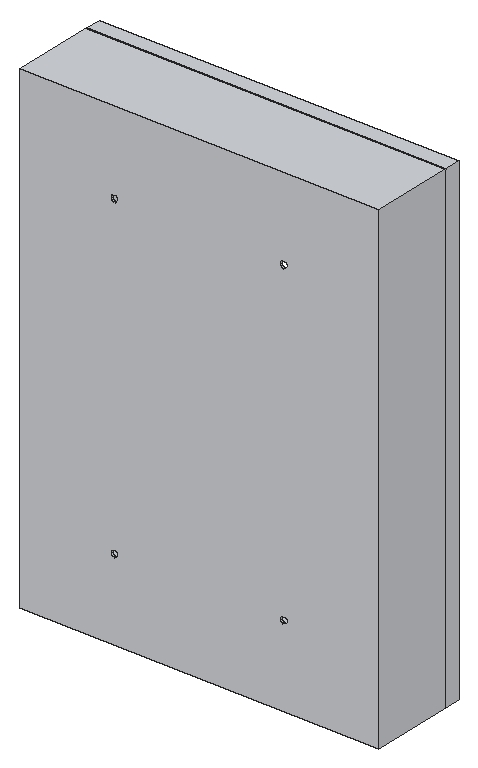
Revit family "AX8436-OPEN_0009", category Appareils sanitaires, Revit 2016
Family settings
  Hôte = Mur
  Type d'élément = Normal
  Cote de connecteur circulaire = Utiliser le diamètre
  Numéro OmniClass = 23.75.00.00
  Titre OmniClass = Climate Control (HVAC)
  Toujours verticalement = Oui
  Couper avec des vides une fois chargée = Non
  Partagée = Non
  Point de calcul de pièce = Non
Parameters (values of type "Type 1")
  URL = "https://www.axeuro.com/fr/poubelles/25374-poubelle-hygiene-feminine-ax8436-open.html"
  Type de produit / Type of product = "Poubelle pour hygiène féminine / Waste receptacle for feminine hygiene"  # constant formula
  Référence / Reference = "AX8436-OPEN"  # constant formula
  Model = ""
  Manufacturer = ""
  Entreprise / Company = "Axeuro"  # constant formula
  Description = ""
Reference planes
  plane 1 "Mur": y = 0
  plane 2 "Centre (gauche/droite)": x = 0
  plane 3 "Arrière": y = 75
Forms (mm)
  Extrusion 1, solid
    sketch origin (546.146, 149.966, 0) x (1, 0, 0) y (0, 0, 1)
      loop
        line (-384.335, 822.446) -> (-707.956, 822.446) -> (-707.956, 387.446) -> (-384.335, 387.446) -> (-384.335, 822.446)
    from -14.687 to 0
  Extrusion 2, solid
    sketch origin (545.42, 136, 23.5) x (1, 0, 0) y (0, 0, 1)
      loop
        line (-406.418, 775.446) -> (-684.422, 775.446) -> (-684.422, 386.446) -> (-406.418, 386.446) -> (-406.418, 775.446)
      loop
        line (-407.418, 387.446) -> (-407.418, 774.446) -> (-683.422, 774.446) -> (-683.422, 387.446) -> (-407.418, 387.446)
    from -13.966 to 56
  Extrusion 3, void
    sketch origin (0, 81, 0) x (1, 0, 0) y (0, 0, 1)
      loop
        arc (125, 774.07) -> (122.547, 779.993) -> (116.624, 782.446) r 8.376
        line (116.624, 782.446) -> (-116.624, 782.446)
        arc (-116.624, 782.446) -> (-122.547, 779.993) -> (-125, 774.07) r 8.376
        line (-125, 774.07) -> (-125, 675.823)
        arc (-125, 675.823) -> (-122.547, 669.9) -> (-116.624, 667.446) r 8.376
        line (-116.624, 667.446) -> (116.624, 667.446)
        arc (116.624, 667.446) -> (122.547, 669.9) -> (125, 675.823) r 8.376
        line (125, 675.823) -> (125, 774.07)
    from -83.654 to -68.966
  Extrusion 4, solid
    sketch origin (0, 75, 0) x (1, 0, 0) y (0, 0, 1)
      loop
        line (161.81, 822.446) -> (-161.81, 822.446) -> (-161.81, 387.446) -> (161.81, 387.446) -> (161.81, 822.446)
    from -1.043 to 0
  Extrusion 5, void
    sketch origin (0, 6, 0) x (1, 0, 0) y (0, 0, 1)
      loop
        circle (-76.453, 747.953) r 3
    from -70.043 to -69
  Extrusion 6, void
    sketch origin (0, 1, 0) x (-1, 0, 0) y (0, 0, -1)
      loop
        circle (-76.453, -747.953) r 3
    from -75.043 to -74
  Extrusion 7, void
    sketch origin (0, 1, 1208.893) x (1, 0, 0) y (0, 0, 1)
      loop
        circle (-76.453, -747.953) r 3
    from -75.043 to -74
  Extrusion 8, void
    sketch origin (0, 1, 1208.893) x (-1, 0, 0) y (0, 0, -1)
      loop
        circle (-76.453, 747.953) r 3
    from -75.043 to -74
  Extrusion 9, solid
    sketch origin (-17.393, 149.654, -954.389) x (1, 0, 0) y (0, 0, 1)
      loop
        circle (125.604, 1575.159) r 8.25
    from -15 to -12.919
  Extrusion 10, void
    sketch origin (-20.147, 149.654, -910.99) x (1, 0, 0) y (0, 0, 1)
      loop
        circle (128.358, 1531.759) r 8.3
    from -15 to -10.322
  Extrusion 11, void
    sketch origin (1640.4, 149.654, 492.247) x (0, 0, 1) y (-1, 0, 0)
      loop
        line (129.522, 1537.139) -> (127.522, 1537.139) -> (127.522, 1527.239) -> (129.522, 1527.239) -> (129.522, 1537.139)
    from -15 to -12.919
  Extrusion 12, solid
    sketch origin (0, 80, 0) x (1, 0, 0) y (0, 0, 1)
      loop
        line (161.81, 387.446) -> (161.81, 822.446) -> (-161.81, 822.446) -> (-161.81, 387.446) -> (161.81, 387.446)
      loop
        line (159.81, 389.446) -> (159.81, 820.446) -> (-159.81, 820.446) -> (-159.81, 389.446) -> (159.81, 389.446)
    from -69.966 to 5
  Extrusion 13, solid, not visible
    sketch origin (801.438, 1.27, 25) x (1, 0, 0) y (0, 1, 0)
      loop
        line (-4052.219, -442.744) -> (-4052.219, -642.744) -> (-4002.219, -642.744) -> (-4002.219, -442.744) -> (-4052.219, -442.744)
    from 0 to 6
  Extrusion 14, solid, not visible
    sketch origin (801.438, -635.474, 667.744) x (1, 0, 0) y (0, 0, 1)
      loop
        line (-4052.219, -392.744) -> (-4052.219, -642.744) -> (-4002.219, -642.744) -> (-4002.219, -392.744) -> (-4052.219, -392.744)
    from 0 to 6
  Extrusion 15, solid, not visible
    sketch origin (801.438, 1.27, 269) x (1, 0, 0) y (0, 1, 0)
      loop
        line (-4052.219, -442.744) -> (-4052.219, -642.744) -> (-4002.219, -642.744) -> (-4002.219, -442.744) -> (-4052.219, -442.744)
    from 0 to 6
Cuts and joins
  Extrusion 3, Extrusion 10 cuts Extrusion 1
  Extrusion 3 cuts Extrusion 2
  Extrusion 5, Extrusion 6, Extrusion 7, Extrusion 8 cuts Extrusion 4
  joined: Extrusion 2, Extrusion 4, Extrusion 12
  Extrusion 11 cuts Extrusion 9
Text (mm)
  text "Côté de la mise en place" at (-1820.995, 1116.779, 0), in view "Niveau de réf."
  text "Côté de la mise en place" at (0, 1334.055, 2976.191), in view "Gauche"
  text "Côté de la mise en place" at (0, 439.194, 2944.362), in view "Droite"
Dimensions and locks
  locked: plane 3 "Arrière" to host wall
  aligned and locked: plane 1 "Mur" to host wall
